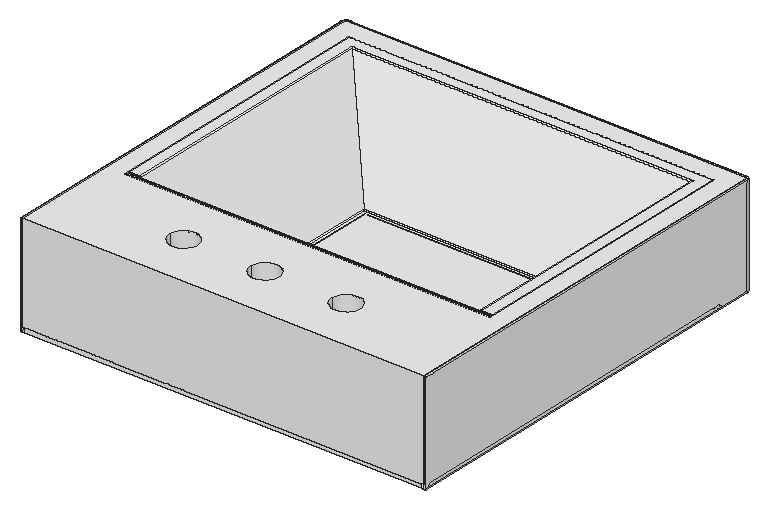
Revit family "Sink 2", category Plumbing Fixtures, Revit 2015
Parameters
  Material [instance] = Porcelain White
  Manufacturer = ""
  Assembly Code = ""
Reference planes
  plane 1 "Center (Front/Back)": y = 0
  plane 2: z = 0
  plane 3 "Center (Left/Right)": x = 0
  plane 4: x = -134.49
  plane 5: x = -249.489
  plane 6: x = -224.489
Forms (mm)
  Sweep 1, solid, material "Porcelain White" <- "Material"
    path origin (-125, -75, 730) x (1, 0, 0) y (0, 1, 0)
      loop
        line (-99.49, 210) -> (-99.49, 550) -> (349.489, 550) -> (349.489, 210)
    profile origin (0, 305, 0) x (-1, 0, 0) y (0, 0, 1)
      loop
        line (224.489, 845) -> (224.489, 850) -> (210.598, 850)
        arc (210.598, 850) -> (209.628, 849.749) -> (208.902, 849.06) r 2
        line (208.902, 849.06) -> (135.077, 730.94)
        arc (135.077, 730.94) -> (134.351, 730.251) -> (133.381, 730) r 2
        line (133.381, 730) -> (129.136, 730) -> (129.136, 724.958) -> (137.234, 724.958) -> (212.261, 845) -> (224.489, 845)
  Sweep 2, solid, material "Porcelain White" <- "Material"
    path origin (-125, -75, 730) x (1, 0, 0) y (0, 1, 0)
      loop
        line (-99.49, 205) -> (349.489, 205)
    profile origin (0, 0, 0) x (0, 1, 0) y (0, 0, 1)
      loop
        line (149.827, 731.749) -> (135.102, 848.251)
        arc (135.102, 848.251) -> (134.441, 849.5) -> (133.118, 850) r 2
        line (133.118, 850) -> (129.881, 850) -> (145.686, 724.958) -> (155.686, 724.958) -> (155.686, 730) -> (151.811, 730)
        arc (151.811, 730) -> (150.489, 730.5) -> (149.827, 731.749) r 2
  Extrusion 3, solid, material "Porcelain White" <- "Material"
    sketch origin (-125, -75, 730) x (1, 0, 0) y (0, 1, 0)
      loop
        arc (-119.49, 573) -> (-121.611, 572.121) -> (-122.49, 570) r 3
        line (-122.49, 570) -> (-122.49, 75) -> (372.489, 75) -> (372.489, 570)
        arc (372.489, 570) -> (371.611, 572.121) -> (369.489, 573) r 3
        line (369.489, 573) -> (-119.49, 573)
      loop
        circle (25.511, 139.361) r 17.5
      loop
        circle (125.511, 139.361) r 17.5
      loop
        circle (225.511, 139.361) r 17.5
      loop
        line (349.489, 550) -> (-99.49, 550) -> (-99.49, 205) -> (349.489, 205) -> (349.489, 550)
    from 0 to 120
  Sweep 4, solid, material "Porcelain White" <- "Material"
    path origin (-125, -75, 730) x (1, 0, 0) y (0, 1, 0)
      loop
        line (-124.49, 75) -> (-124.49, 570)
        arc (-124.49, 570) -> (-123.025, 573.536) -> (-119.49, 575) r 5
        line (-119.49, 575) -> (369.489, 575)
        arc (369.489, 575) -> (373.025, 573.536) -> (374.489, 570) r 5
        line (374.489, 570) -> (374.489, 75)
    profile origin (0, 247.5, 0) x (-1, 0, 0) y (0, 0, 1)
      loop
        line (247.489, 850) -> (247.489, 725) -> (248.489, 725)
        arc (248.489, 725) -> (249.197, 725.293) -> (249.489, 726) r 1
        line (249.489, 726) -> (249.489, 849)
        arc (249.489, 849) -> (249.197, 849.707) -> (248.489, 850) r 1
        line (248.489, 850) -> (247.489, 850)
  Extrusion 5, solid, material "Porcelain White" <- "Material"
    sketch origin (-125, -75, 730) x (1, 0, 0) y (0, 1, 0)
      loop
        arc (-124.49, 80) -> (-123.025, 76.464) -> (-119.49, 75) r 5
        line (-119.49, 75) -> (369.489, 75)
        arc (369.489, 75) -> (373.025, 76.464) -> (374.489, 80) r 5
        line (374.489, 80) -> (374.489, 570)
        arc (374.489, 570) -> (373.025, 573.536) -> (369.489, 575) r 5
        line (369.489, 575) -> (-119.49, 575)
        arc (-119.49, 575) -> (-123.025, 573.536) -> (-124.49, 570) r 5
        line (-124.49, 570) -> (-124.49, 80)
      loop
        circle (125.51, 275) r 23
    from -5.042 to 0
Lines and regions (mm)
  symbolic lines
    curve 1: line (-244.489, 500, 0) -> (244.49, 500, 0)
    curve 2: arc (244.49, 500, 0) -> (248.025, 498.536, 0) -> (249.49, 495, 0) r 5
    curve 3: line (249.49, 495, 0) -> (249.49, 5, 0)
    curve 4: arc (249.49, 5, 0) -> (248.025, 1.464, 0) -> (244.49, 0, 0) r 5
    curve 5: line (244.49, 0, 0) -> (-244.489, 0, 0)
    curve 6: arc (-244.489, 0, 0) -> (-248.025, 1.464, 0) -> (-249.489, 5, 0) r 5
    curve 7: line (-249.489, 5, 0) -> (-249.489, 495, 0)
    curve 8: arc (-249.489, 495, 0) -> (-248.025, 498.536, 0) -> (-244.489, 500, 0) r 5
    curve 9: line (-219.489, 475, 0) -> (219.49, 475, 0)
    curve 10: arc (219.49, 475, 0) -> (223.025, 473.536, 0) -> (224.49, 470, 0) r 5
    curve 11: line (224.49, 470, 0) -> (224.49, 135, 0)
    curve 12: arc (224.49, 135, 0) -> (223.025, 131.464, 0) -> (219.49, 130, 0) r 5
    curve 13: line (219.49, 130, 0) -> (-219.489, 130, 0)
    curve 14: arc (-219.489, 130, 0) -> (-223.025, 131.464, 0) -> (-224.489, 135, 0) r 5
    curve 15: line (-224.489, 135, 0) -> (-224.489, 470, 0)
    curve 16: arc (-224.489, 470, 0) -> (-223.025, 473.536, 0) -> (-219.489, 475, 0) r 5
    curve 17: line (124.106, 150.048, 0) -> (-126.022, 150.048, 0)
    curve 18: line (-126.022, 150.048, 0) -> (-129.49, 150.048, 0)
    curve 19: arc (-129.49, 150.048, 0) -> (-133.025, 151.513, 0) -> (-134.49, 155.048, 0) r 5
    curve 20: line (-134.49, 155.048, 0) -> (-134.49, 380, 0)
    curve 21: arc (-134.49, 380, 0) -> (-133.025, 383.536, 0) -> (-129.49, 385, 0) r 5
    curve 22: line (-129.49, 385, 0) -> (130.511, 385, 0)
    curve 23: line (-219.489, 470, 0) -> (-137.619, 388.13, 0)
    curve 24: line (219.49, 470, 0) -> (137.185, 387.696, 0)
    curve 25: line (219.49, 135, 0) -> (139.819, 150.477, 0)
    curve 26: line (-219.489, 135, 0) -> (-139.472, 151.032, 0)
    curve 27: arc (23.511, 200, 0) -> (0.511, 177, 0) -> (-22.489, 200, 0) r 23
    curve 28: arc (-22.489, 200, 0) -> (0.511, 223, 0) -> (23.511, 200, 0) r 23
    curve 29: arc (-36.989, 200, 0) -> (0.511, 237.5, 0) -> (38.011, 200, 0) r 37.5
    curve 30: arc (38.011, 200, 0) -> (0.511, 162.5, 0) -> (-36.989, 200, 0) r 37.5
    curve 31: arc (-16.989, 64.361, 0) -> (0.511, 81.861, 0) -> (18.011, 64.361, 0) r 17.5
    curve 32: arc (18.011, 64.361, 0) -> (0.511, 46.861, 0) -> (-16.989, 64.361, 0) r 17.5
    curve 33: arc (83.011, 64.361, 0) -> (100.511, 81.861, 0) -> (118.011, 64.361, 0) r 17.5
    curve 34: arc (118.011, 64.361, 0) -> (100.511, 46.861, 0) -> (83.011, 64.361, 0) r 17.5
    curve 35: arc (-116.989, 64.361, 0) -> (-99.489, 81.861, 0) -> (-81.989, 64.361, 0) r 17.5
    curve 36: arc (-81.989, 64.361, 0) -> (-99.489, 46.861, 0) -> (-116.989, 64.361, 0) r 17.5
    curve 37: spline (-11.99, 136.838, 0) -> (-11.564, 137.639, 0) -> (-10.315, 138.385, 0) -> (-8.328, 139.026, 0) -> (-5.74, 139.518, 0) -> (-2.725, 139.827, 0) -> (0.51, 139.933, 0) -> (3.746, 139.827, 0) -> (6.76, 139.518, 0) -> (9.349, 139.026, 0) -> (11.336, 138.385, 0) -> (12.585, 137.639, 0) -> (13.01, 136.838, 0)
    curve 38: spline (-11.99, 136.838, 0) -> (-11.564, 136.036, 0) -> (-10.315, 135.29, 0) -> (-8.328, 134.649, 0) -> (-5.74, 134.157, 0) -> (-2.725, 133.848, 0) -> (0.51, 133.742, 0) -> (3.746, 133.848, 0) -> (6.76, 134.157, 0) -> (9.349, 134.649, 0) -> (11.336, 135.29, 0) -> (12.585, 136.036, 0) -> (13.01, 136.838, 0)
    curve 39: arc (130.511, 150.048, 0) -> (134.046, 151.513, 0) -> (135.511, 155.048, 0) r 5
    curve 40: line (135.511, 155.048, 0) -> (135.511, 380, 0)
    curve 41: arc (135.511, 380, 0) -> (134.046, 383.536, 0) -> (130.511, 385, 0) r 5
Dimensions and locks
  locked: curve 1 to curve 5 at 500
  locked: curve 9 to curve 1 at 25
  locked: curve 13 to curve 5 at 130
  locked: curve 17 to curve 13 at 20.048
  locked: curve 22 to curve 17 at 234.952
  locked: curve 22 to curve 9 at 90
  curve 32 to curve 36 to curve 34 to curve 5 = 0 mm, 0 mm, 46.861 mm locked
  curve 27 to curve 30 to curve 17 = 14.5 mm locked, 12.452 mm locked
  locked: curve 38 to curve 13 at 3.742
